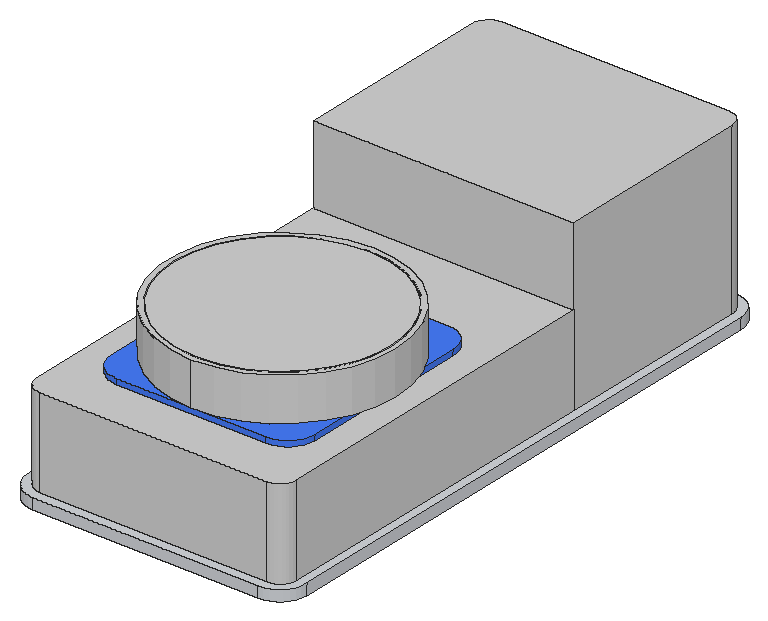
Revit family "Building-ConnessioniIEC309-GEWISS-67IB-PRESE-INTERBLOCCATE_IP67_SENZA_FONDO_24V", category Apparecchi elettrici, host Superficie, Revit 2019
Family settings
  Host = Superficie
  Mantenere orientamento annotazione = Sì
  Quota connettore circolare = Usa diametro
  Tipo di parte = Normale
  Taglio con vuoti quando caricato = Sì
  Condiviso = Sì
  Punto di calcolo locali = Sì
Parameters (values of type "GW66359N -  PR.BL.S.F.2P.160VA TRASF.230/24V IP67")
  presa = Grigio RAL - 7035
  giallo = 0 mm
  dist_piano [instance] = 75 mm
  Vista_2d_pianta [instance] = yes
  Versione file RFA = "21.8"
  URL = "https://www.gewiss.com/it/it"
  Tipologia = "Verticale"
  Termopressione con biglia = "125 °C"
  Tensione di uscita = "20-25 V"
  Temperatura di utilizzo = "-25 +40 °C"
  T2 = "24V"
  T1 = "230V"
  Struttura = Grigio RAL - 7035
  Simbolo presa = PRESAINDSTAGNA : 3P
  Simbolo [instance] = yes
  Simb_circuito [instance] = not(Simbolo)  # no
  Scheda Tecnica = "https://www.gewiss.com/it/it/search?q=GW66359N"
  SEO = "Presa"
  Resistenza agli urti = "IK08"
  Protezione = "Trasformatore di sicurezza"
  Default Elevation = 1219.2 mm
  Produttore = "GEWISS S.p.A."
  Prodotto a stock = ""
  Potenza nominale = "160VA"
  N. poli = "2P"
  Modello = "GW66359N"
  Immagine tipo = <Nessuno>
  IDT = "71bc45dc67804a6f91b0e4192ede9dae"
  IDF = "dda5a68e-59d7-452d-8aad-0a3a1c687537"
  Grado di protezione = "IP67"
  Glow wire test: = "850 °C"
  Frequenza = "50 Hz"
  Distanza x [instance] = 500 mm
  Distanza orizzontale simbolo [instance] = 0 mm
  Distanza effettiva x [instance] = 1500 mm - Distanza x  # 1000 mm
  Description = " PR.BL.S.F.2P.160VA TRASF.230/24V IP67"
  Creato da GEWISS S.p.A. = ""
  Corrente nominale (A) = "16"
  Corpo presa = Light Blue
  Cornice simbolo [instance] = yes
  Con fondo = "No"
  Colore: = "Viola"
  Codice Electrocod = "2222"
  Catalogo = "BUILDING"
  COBie.Tagnumber = ""
  COBie.CreatedOn = ""
  COBie.CreatebBy = ""
  COBie.ComponentRegisterItemID = ""
  COBie.Component.TagNumber = ""
  COBie.Component.Space = ""
  COBie.Component.SerialNumber = ""
  COBie.Component.InstallationDate = ""
  COBie.Component.Description = ""
  COBie.Component.BarCode = ""
Reference planes
  plane 1 "Centro (Fronte/Retro)": y = 0
  plane 2: z = 0
  plane 3 "Centro (Sinistra/Destra)": x = 0
  plane 4: z = -2
  plane 5: x = -500
  plane 6: x = -1500
  plane 7: x = -500
  plane 8: through (-170.762, -4572, -38.353) normal (-0.6157, 0, 0.788)
  plane 9: z = 108
  plane 10: z = 73
  plane 11: z = 155
Lines and regions (mm)
  Masking region 1, visible <- "Vista_2d_pianta"
    outline origin (0, 0, 0) x (1, 0, 0) y (0, 0, 1)
      loop
        line (-50.384, 138) -> (-50.384, 108) -> (52.616, 108) -> (52.616, 138) -> (-50.384, 138)
  Masking region 2, visible <- "Vista_2d_pianta"
    outline origin (0, 0, 0) x (1, 0, 0) y (0, 0, 1)
      loop
        line (-40, 144) -> (-40, 138) -> (40, 138) -> (40, 144) -> (-40, 144)
  Masking region 3, visible <- "Vista_2d_pianta"
    outline origin (0, 0, 0) x (1, 0, 0) y (0, 0, 1)
      loop
        line (-46.899, 144) -> (41.5, 144) -> (41.5, 154) -> (-46.899, 154) -> (-46.899, 144)
  Masking region 4, visible <- "Vista_2d_pianta"
    outline origin (0, 0, 0) x (1, 0, 0) y (0, 0, 1)
      loop
        line (-51.152, 73) -> (53.222, 73) -> (53.222, 108) -> (-51.152, 108) -> (-51.152, 73)
Dimensions and locks
  locked: plane 2 to plane 4 at 2
  plane 6 to plane 5 = 1000 mm
  "Distanza effettiva x": plane 6 to plane 7
  "dist_piano": plane 10 to plane 4
  locked: plane 9 to plane 10 at 35
  locked: plane 11 to plane 9 at 47
  angle plane 8 to plane 4 = 142.00°
  angle plane 7 to plane 8 = 128.00°
  aligned and locked: plane 2 to host face
  aligned and locked: level to host face
  aligned and locked: plane 7 to nested 1
  aligned and locked: plane 7 to nested 2
  aligned and locked: plane 1 "Centro (Fronte/Retro)" to nested 3
  aligned and locked: plane 3 "Centro (Sinistra/Destra)" to nested 3
Automatic sketch dimensions
  host sketch curve to host sketch curve = 2438.4 mm  (x2)
  Masking region 3 sketch curve to plane 11 = 11 mm
  Masking region 3 sketch curve to plane 11 = 1 mm
  Masking region 1 sketch curve to plane 9 = 0 mm
  Masking region 1 sketch curve to plane 11 = 17 mm
  Masking region 2 sketch curve to plane 11 = 17 mm
  Masking region 2 sketch curve to Masking region 2 sketch curve = 6 mm
  Masking region 1 sketch curve to plane 3 "Centro (Sinistra/Destra)" = 50.384 mm
  plane 3 "Centro (Sinistra/Destra)" to Masking region 1 sketch curve = 52.616 mm
  Masking region 2 sketch curve to plane 3 "Centro (Sinistra/Destra)" = 40 mm
  plane 3 "Centro (Sinistra/Destra)" to Masking region 2 sketch curve = 40 mm
  Masking region 3 sketch curve to plane 3 "Centro (Sinistra/Destra)" = 46.899 mm
  plane 3 "Centro (Sinistra/Destra)" to Masking region 3 sketch curve = 41.5 mm
  Masking region 4 sketch curve to plane 9 = 0 mm
  Masking region 4 sketch curve to plane 10 = 0 mm
  Masking region 4 sketch curve to plane 3 "Centro (Sinistra/Destra)" = 51.152 mm
  plane 3 "Centro (Sinistra/Destra)" to Masking region 4 sketch curve = 53.222 mm
Nested families
  nested 1: "simbolo_circuito" at (-500, 30.442, 0), Distanza dal muro <- "Distanza orizzontale simbolo", SIMBOLO ACCESO <- "Simb_circuito", type "3P"
    with SIMBOLO ACCESO no, Distanza dal muro 0 mm, BORDO ACCESO yes
  nested 2: "PRESAINDSTAGNA" at (-500, 23.722, 0), Distanza dal muro <- "Distanza orizzontale simbolo", type "3P"
    with Distanza dal muro 0 mm
  nested 3: "67IB PRESE INTERBLOC VERT NO FONDO 24V IP67_BASE" at (-51.5, 0, 0), type "67IB PRESE INTERBLOC VERT NO FONDO 24V IP67_BASE"
Connectors
  electrical at (0, 110, 0)
    settings: on nested 3, index 1, voltage 0 V, apparent load 0 VA, apparent load phase1 0 VA, apparent load phase2 0 VA, apparent load phase3 0 VA, power factor 1, load classification "Altro", number of poles 1, system type 31, power factor state 1, is connector primary yes, connector utility no, sub classification motor no, connector description ""
Definition of nested family "67IB PRESE INTERBLOC VERT NO FONDO 24V IP67_BASE"
  Parameters (values of type "67IB PRESE INTERBLOC VERT NO FONDO 24V IP67_BASE")
    corpo presa = none
    Struttura = none
    Spessore = 30 mm
    Re = Raggio + 2 mm  # 42 mm
    Raggio = 40 mm
    Default Elevation = 14 mm
    Presa = none
    Larghezza = 103 mm
    IFC.TypeObject = ""
    IFC.ExportType = ""
    IFC.ExportAs = ""
    H_da terra = 586.883 mm
    COBie.CreatedOn = ""
    COBie.CreatebBy = ""
    COBie.ComponentRegisterItemID = ""
    COBie.Component.TagNumber = ""
    COBie.Component.Space = ""
    COBie.Component.SerialNumber = ""
    COBie.Component.InstallationDate = ""
    COBie.Component.Description = ""
    COBie.Component.BarCode = ""
    Altezza = 220 mm
  Reference planes
    plane 1 "Centro (Fronte/Retro)": y = 0
    plane 2: z = 0
    plane 3 "Centro (Sinistra/Destra)": x = 0
    plane 4: x = 103
    plane 5: y = 220
    plane 6: y = 216.384
    plane 7: x = 99.384
    plane 8: x = 3.616
    plane 9: y = 3.616
    plane 10: z = 4
    plane 11: y = 137.537
    plane 12: z = 66
    plane 13: z = 37
    plane 14: y = 104.865
    plane 15: x = 14
    plane 16: y = 21.126
    plane 17: x = 89
    plane 18: z = 39
    plane 19: z = 55
    plane 20: x = 51.5
    plane 21: y = 62.995
  Forms (mm)
    Extrusion 1, solid
      sketch origin (0, 0, 46) x (0, -1, 0) y (1, 0, 0)
        loop
          line (-210, 0) -> (-10, 0)
          arc (-10, 0) -> (-2.929, 2.929) -> (0, 10) r 10
          line (0, 10) -> (0, 93)
          arc (0, 93) -> (-2.929, 100.071) -> (-10, 103) r 10
          line (-10, 103) -> (-210, 103)
          arc (-210, 103) -> (-217.071, 100.071) -> (-220, 93) r 10
          line (-220, 93) -> (-220, 10)
          arc (-220, 10) -> (-217.071, 2.929) -> (-210, 0) r 10
        loop
          arc (-9.616, 3.616) -> (-5.373, 5.373) -> (-3.616, 9.616) r 6
          line (-3.616, 9.616) -> (-3.616, 93.384)
          arc (-3.616, 93.384) -> (-5.373, 97.627) -> (-9.616, 99.384) r 6
          line (-9.616, 99.384) -> (-210.384, 99.384)
          arc (-210.384, 99.384) -> (-214.627, 97.627) -> (-216.384, 93.384) r 6
          line (-216.384, 93.384) -> (-216.384, 9.989)
          arc (-216.384, 9.989) -> (-214.518, 5.482) -> (-210.011, 3.616) r 6.373
          line (-210.011, 3.616) -> (-9.616, 3.616)
      from -46 to -42
    Extrusion 2, solid, material <- "Struttura"
      sketch origin (0, 0, 46) x (0, -1, 0) y (1, 0, 0)
        loop
          line (-137.537, 99.384) -> (-137.537, 3.616) -> (-9.616, 3.616)
          arc (-9.616, 3.616) -> (-5.373, 5.373) -> (-3.616, 9.616) r 6
          line (-3.616, 9.616) -> (-3.616, 93.384)
          arc (-3.616, 93.384) -> (-5.373, 97.627) -> (-9.616, 99.384) r 6
          line (-9.616, 99.384) -> (-137.537, 99.384)
      from -46 to -9
    Extrusion 3, solid, material <- "Struttura"
      sketch origin (0, 0, 46) x (0, -1, 0) y (1, 0, 0)
        loop
          line (-137.537, 3.616) -> (-137.537, 99.384) -> (-210.384, 99.384)
          arc (-210.384, 99.384) -> (-214.627, 97.627) -> (-216.384, 93.384) r 6
          line (-216.384, 93.384) -> (-216.384, 9.616)
          arc (-216.384, 9.616) -> (-214.627, 5.373) -> (-210.384, 3.616) r 6
          line (-210.384, 3.616) -> (-137.537, 3.616)
      from -46 to 20
    Extrusion 4, solid, material <- "corpo presa"
      sketch origin (0, 0, 46) x (0, -1, 0) y (1, 0, 0)
        loop
          line (-94.865, 14) -> (-31.126, 14)
          arc (-31.126, 14) -> (-24.055, 16.929) -> (-21.126, 24) r 10
          line (-21.126, 24) -> (-21.126, 79)
          arc (-21.126, 79) -> (-24.055, 86.071) -> (-31.126, 89) r 10
          line (-31.126, 89) -> (-94.865, 89)
          arc (-94.865, 89) -> (-101.936, 86.071) -> (-104.865, 79) r 10
          line (-104.865, 79) -> (-104.865, 24)
          arc (-104.865, 24) -> (-101.936, 16.929) -> (-94.865, 14) r 10
      from -9 to -7
    Extrusion 5, solid, material <- "Presa"
      sketch origin (0, 0, 46) x (0, -1, 0) y (1, 0, 0)
        loop
          circle (-62.995, 51.5) r 40
        loop
          circle (-62.995, 51.5) r 42
      from -7 to 9
    Extrusion 6, solid, material <- "Presa"
      sketch origin (0, 0, 46) x (0, -1, 0) y (1, 0, 0)
        loop
          circle (-62.995, 51.5) r 40
      from -7 to 9
  Dimensions and locks
    plane 3 "Centro (Sinistra/Destra)" to plane 4 = 103 mm
    plane 1 "Centro (Fronte/Retro)" to plane 5 = 220 mm
    locked: plane 7 to plane 4 at 3.616
    locked: plane 5 to plane 6 at 3.616
    locked: plane 3 "Centro (Sinistra/Destra)" to plane 8 at 3.616
    locked: plane 1 "Centro (Fronte/Retro)" to plane 9 at 3.616
    locked: plane 10 to level at 4
    "Larghezza": plane 3 "Centro (Sinistra/Destra)" to plane 4
    "Altezza": plane 1 "Centro (Fronte/Retro)" to plane 5
    locked: plane 9 to plane 11 at 133.921
    plane 12 to plane 10 = 62 mm
    locked: plane 13 to level at 37
    locked: plane 1 "Centro (Fronte/Retro)" to plane 16 at 21.126
    locked: plane 16 to plane 14 at 83.739
    locked: plane 18 to plane 13 at 2
    locked: plane 19 to plane 18 at 16
    radius of Extrusion 1 sketch curve = 10 mm  (x3)
    radius of Extrusion 1 sketch curve = 6.373 mm
    radius of Extrusion 1 sketch curve = 6 mm  (x2)
    radius of Extrusion 2 sketch curve = 6 mm  (x2)
    radius of Extrusion 3 sketch curve = 6 mm  (x2)
    radius of Extrusion 4 sketch curve = 10 mm  (x4)
    "Raggio": radius of Extrusion 5 sketch curve
    "Re": radius of Extrusion 5 sketch curve
    "Raggio": radius of Extrusion 6 sketch curve
    aligned and locked: level to plane 2
    aligned and locked: Extrusion 1 sketch curve to plane 3 "Centro (Sinistra/Destra)"
    aligned and locked: Extrusion 1 sketch curve to plane 8
    aligned and locked: Extrusion 1 sketch curve to plane 5
    aligned and locked: Extrusion 1 sketch curve to plane 6
    aligned and locked: Extrusion 1 sketch curve to plane 4
    aligned and locked: Extrusion 1 sketch curve to plane 7
    aligned and locked: Extrusion 1 sketch curve to plane 1 "Centro (Fronte/Retro)"
    aligned and locked: Extrusion 1 sketch curve to plane 9
    aligned and locked: Extrusion 1 to level
    aligned and locked: plane 10 to Extrusion 1
    aligned and locked: Extrusion 2 sketch curve to plane 11
    aligned and locked: Extrusion 2 sketch curve to plane 8
    aligned and locked: Extrusion 2 sketch curve to plane 7
    aligned and locked: Extrusion 2 sketch curve to plane 9
    aligned and locked: Extrusion 2 to level
    aligned and locked: Extrusion 3 sketch curve to plane 8
    aligned and locked: Extrusion 3 sketch curve to plane 7
    aligned and locked: Extrusion 3 sketch curve to plane 6
    aligned and locked: Extrusion 3 sketch curve to plane 11
    aligned and locked: Extrusion 3 to level
    aligned and locked: plane 12 to Extrusion 3
    aligned and locked: plane 13 to Extrusion 2
    aligned and locked: Extrusion 4 sketch curve to plane 15
    aligned and locked: Extrusion 4 sketch curve to plane 16
    aligned and locked: Extrusion 4 sketch curve to plane 14
    aligned and locked: Extrusion 4 sketch curve to plane 17
    aligned and locked: Extrusion 4 to plane 13
    aligned and locked: Extrusion 4 to plane 18
    aligned and locked: Extrusion 5 to plane 18
    aligned and locked: Extrusion 5 to plane 19
    aligned and locked: Extrusion 6 to plane 18
    aligned and locked: Extrusion 6 to plane 19
  Automatic sketch dimensions
    Extrusion 1 sketch curve to plane 6 = 6 mm
    Extrusion 1 sketch curve to Extrusion 1 sketch curve = 0.384 mm
    Extrusion 5 sketch curve to Extrusion 5 sketch curve = 0 mm  (x2)
    Extrusion 5 sketch curve to plane 20 = 0 mm
    plane 21 to Extrusion 5 sketch curve = 0 mm
    Extrusion 6 sketch curve to plane 20 = 0 mm
    plane 21 to Extrusion 6 sketch curve = 0 mm
Definition of nested family "simbolo_circuito"
  Parameters (values of type "3P")
    SIMBOLO ACCESO [instance] = yes
    SIMBOLO = PRESAINDSTAGNA_BASE : 3P
    Distanza dal muro [instance] = 0 mm
    BORDO ACCESO [instance] = yes
  Reference planes
    plane 1: y = 0
    plane 2: x = 0
  Dimensions and locks
    "Distanza dal muro": plane 1 to nested 1
    aligned and locked: plane 2 to nested 1
  Nested families
    nested 1: "simb_base_di circuito" at (0, 0, 0), visible <- "SIMBOLO ACCESO", type "3P"
      with CORNICE SIMBOLO yes
  Definition of nested family "simb_base_di circuito"
    Parameters (values of type "3P")
      CORNICE SIMBOLO [instance] = yes
      3P = yes
    Types (2, lengths in mm): name | 3P
      3P | yes
      2P | no
    Reference planes
      plane 1: y = 0
      plane 2: x = 0
    Lines and regions (mm)
      detail lines, not visible
        curve 1: line (-2.443, 10.208, 0) -> (2.057, 10.208, 0)
        curve 2: line (2.057, 10.208, 0) -> (2.057, 4.208, 0)
        curve 3: line (2.057, 4.208, 0) -> (-2.443, 4.208, 0)
        curve 4: line (-2.443, 4.208, 0) -> (-2.443, 10.208, 0)
        curve 5: line (-2.043, 9.808, 0) -> (1.657, 9.808, 0)
        curve 6: line (1.657, 9.808, 0) -> (1.657, 4.608, 0)
        curve 7: line (1.657, 4.608, 0) -> (-2.043, 4.608, 0)
        curve 8: line (-2.043, 4.608, 0) -> (-2.043, 9.808, 0)
    Dimensions and locks
      aligned and locked: import instance to plane 2
      aligned and locked: plane 1 to import instance
Definition of nested family "PRESAINDSTAGNA"
  Parameters (values of type "3P")
    t2 = ""
    t1 = ""
    Distanza dal muro [instance] = 10 mm
  Reference planes
    plane 1: y = 0
    plane 2: x = 0
  Dimensions and locks
    "Distanza dal muro": plane 1 to nested 1
    aligned and locked: plane 2 to nested 1
  Nested families
    nested 1: "simb_b" at (0, 10, 0), type "2P"
  Definition of nested family "simb_b"
    Parameters (values of type "3P")
      t2 = ""
      Testo = ""
      CORNICE SIMBOLO [instance] = yes
      3P = yes
    Types (2, lengths in mm): name | 3P
      3P | yes
      2P | no
    Reference planes
      plane 1: y = 0
      plane 2: x = 0
    Lines and regions (mm)
      detail lines, not visible
        curve 1: line (-2.443, 10.208, 0) -> (2.057, 10.208, 0)
        curve 2: line (2.057, 10.208, 0) -> (2.057, 4.208, 0)
        curve 3: line (2.057, 4.208, 0) -> (-2.443, 4.208, 0)
        curve 4: line (-2.443, 4.208, 0) -> (-2.443, 10.208, 0)
        curve 5: line (-2.043, 9.808, 0) -> (1.657, 9.808, 0)
        curve 6: line (1.657, 9.808, 0) -> (1.657, 4.608, 0)
        curve 7: line (1.657, 4.608, 0) -> (-2.043, 4.608, 0)
        curve 8: line (-2.043, 4.608, 0) -> (-2.043, 9.808, 0)
      detail lines
        curve 9: circle (0.312, 4.751, 0) r 0.074 normal (0, 0, 1)
        curve 10: arc (0.447, 0.778, 0) -> (0, 1.225, 0) -> (-0.447, 0.778, 0) r 0.447
        curve 11: line (-0.312, 4.688, 0) -> (0.312, 4.959, 0)
        curve 12: line (-0.312, 4.481, 0) -> (0.312, 4.751, 0)
        curve 13: line (-0.447, 1.225, 0) -> (0.447, 1.225, 0)
        curve 14: line (0, 2.302, 0) -> (0, 1.225, 0)
        curve 15: line (0, 5.167, 0) -> (0, 3.862, 0)
        curve 16: circle (0, 3.381, 0) r 0.48 normal (0, 0, 1)
        curve 17: circle (0, 2.783, 0) r 0.48 normal (0, 0, 1)
    Text (mm)
      label "Testo" at (-0.037, 5.499, 0), shows "Testo"
      label "t2" at (-0.037, 0.723, 0), shows "t2"
